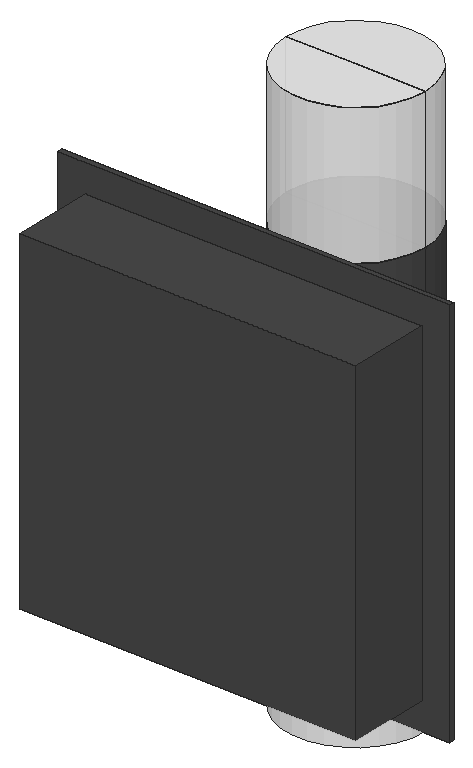
Revit family "3-594-15 Alarum", category Luminarias, Revit 2021
Family settings
  Anfitrión = Muro
  Cota de conector redondo = Diámetro de uso
  Tipo de pieza = Normal
  Número OmniClass = 23.80.70.00
  Título OmniClass = Lighting
  Siempre vertical = Sí
  Corte con vacíos al cargar = No
  Origen de luz = Sí
  Compartido = No
  Punto de cálculo de habitación = No
Parameters (values of type "3-594--15 / Black - Matte White Acrylic")
  Elevación por defecto = 0.00"
  Comentarios de vataje = "1 x 7.56 W at 120 V"  # constant formula
  Wattage = 7.56 W
  built-in parameter 1150110 = 1 (stored number, unit not read)
  Voltage Input = "120 V or 277 V - 50/60 Hz"  # constant formula
  Voltage = 120 V
  URL = "www.oxygenlighting.com"
  built-in parameter 1114217 = 1 (stored number, unit not read)
  Tilt Angle = 0.00°  # constant formula
  built-in parameter 1150109 = 1 (stored number, unit not read)
  built-in parameter 1150134 = (empty or 0)
  built-in parameter 1150113 = 1 (stored number, unit not read)
  References = "Ref. 3 = 120 V / Ref. 37 = 277 V"  # constant formula
  Archivo de red fotométrica = "3-594-15 Alarum.ies"
  Modelo = "3-XX-xx / Alarum"  # constant formula
  Metal Finish = 15 - Black
  Fabricante = "Oxygen Lighting and Fans"  # constant formula
  Lumens = 378 lm
  built-in parameter 1150115 = 1 (stored number, unit not read)
  built-in parameter 1150105 = 30.08 (stored number, unit not read)
  built-in parameter 1150137 = (empty or 0)
  built-in parameter 1150139 = (empty or 0)
  built-in parameter 1150112 = 1 (stored number, unit not read)
  built-in parameter 1150114 = 1 (stored number, unit not read)
  Lámpara = "LED Array"  # constant formula
  built-in parameter 1150132 = (empty or 0)
  built-in parameter 1150102 = (empty or 0)
  built-in parameter 1150138 = (empty or 0)
  built-in parameter 1150107 = 3000 (stored number, unit not read)
  built-in parameter 1150106 = 0.3008 (stored number, unit not read)
  built-in parameter 1150104 = 4.6452 (stored number, unit not read)
  Dimming Lamp Color Temperature Shift = (empty or 0)
  Diffusers = Matte White Acrylic
  Color Filter = 16777215
  built-in parameter 1114218 = 1 (stored number, unit not read)
  built-in parameter 1150133 = 10 (stored number, unit not read)
Types (2): name | Metal Finish
  3-594--15 / Black - Matte White Acrylic | 15 - Black
  3-594-24 / Satin Nickel - Matte White Acrylic | 24 - Satin Nickel
Reference planes (in)
  plane 1: y = 0
  plane 2 "Light Source Axis (L/R)": x = 4.92126
  plane 3 "Light Source Axis (F/R)": y = 7.29776
  plane 4 "Light Source Elevation": z = 37
  plane 5: y = 2.95276
  plane 6: z = 39.75
Text (in)
  text "Placement side" at (-70.3598, 43.96769, 0), in view "Ref. Level"
  text "Placement side" at (0, 83.08644, 117.56134), in view "Left"
  text "Placement side" at (0, 24.74324, 118.58137), in view "Right"
Dimensions and locks (in)
  locked: plane 3 "Light Source Axis (F/R)" to plane 5 at 4.345
  locked: plane 6 to plane 4 "Light Source Elevation" at 2.75
  aligned and locked: plane 1 to host wall
  aligned and locked: plane 5 to host wall
  aligned and locked: plane 5 to nested 1
  aligned and locked: plane 3 "Light Source Axis (F/R)" to imposter light
  aligned and locked: nested 1 to plane 4 "Light Source Elevation"
  aligned and locked: plane 6 to imposter light
Nested families (in)
  nested 1: "Family2" at (4.92126, 2.95276, 39.75591) x (-1, 0, 0) z (0, 0, 1), type "Family2"
Definition of nested family "Family2"
  Parameters (values of type "Family2")
    Metal Finish 2 = none
    Metal Finish 1 = none
    Height = 10.00"
    Default Elevation = 0.00"
    Diffuser = none
  Reference planes (in)
    plane 1 "Center (Front/Back)": y = 0
    plane 2: z = 0
    plane 3 "Center (Left/Right)": x = 0
  Forms (in)
    Extrusion 1, solid, material <- "Metal Finish 1"
      sketch origin (0, 0, 0) x (1, 0, 0) y (0, 0, 1)
        loop
          line (-2.3622, 2.3622) -> (-2.3622, -2.3622) -> (2.3622, -2.3622) -> (2.3622, 2.3622) -> (-2.3622, 2.3622)
      from 1.15 to 0
    Extrusion 2, solid, material <- "Metal Finish 1"
      sketch origin (0, 0, 0) x (1, 0, 0) y (0, 0, 1)
        loop
          line (-2.75591, 2.75591) -> (-2.75591, -2.75591) -> (2.75591, -2.75591) -> (2.75591, 2.75591) -> (-2.75591, 2.75591)
      from 1.15 to 1.22
    Revolve 3, solid, material <- "Diffuser"
      sketch origin (0, -2.95298, 0) x (1, 0, 0) y (0, 0, 1)
        loop
          line (0, 4.03543) -> (0, 2.06693) -> (0.98425, 2.06693) -> (0.98425, 4.03543) -> (0, 4.03543)
        loop
          line (0.98425, -2.06693) -> (0, -2.06693) -> (0, -4.03543) -> (0.98425, -4.03543) -> (0.98425, -2.06693)
        axis (0, 4.03543) -> (0, -4.03543)
      angle from 0 to 360
    Revolve 4, solid, material <- "Metal Finish 1"
      sketch origin (0, -2.95298, 0) x (1, 0, 0) y (0, 0, 1)
        loop
          line (0, 2.06693) -> (0, -2.06693) -> (0.98425, -2.06693) -> (0.98425, 2.06693) -> (0, 2.06693)
        axis (0, 2.06693) -> (0, -2.06693)
      angle from 0 to 360
    Extrusion 5, solid, material <- "Metal Finish 1"
      sketch origin (0, 0, 0) x (1, 0, 0) y (0, 1, 0)
        loop
          line (-0.29528, -1.22) -> (-0.29528, -2.01406) -> (0.29528, -2.01406) -> (0.29528, -1.22) -> (-0.29528, -1.22)
      from -0.7874 to 0.7874
  Dimensions and locks (in)
    aligned and locked: level to plane 2
